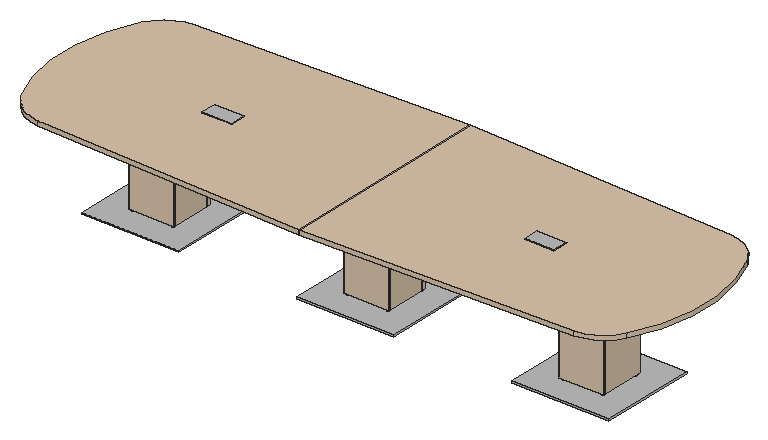
Revit family "Haworth_Planes_ColumnBaseConferenceTable_PebbleTwoPiece", category Furniture Systems, Revit 2018 (continued)
Definition of nested family "Haworth_Planes_Worksurface_Pebble_2Piece_PART"
  Definition of nested family "Haworth_Planes_Worksurface_Pebble60_TwoPiece_Part"
    Lines and regions (in)
      Masking region 18, visible <- "168w"
        outline origin (0, 0, 0) x (0, 1, 0) y (-1, 0, 0)
          loop
            arc (-12.35433, -68.75867) -> (-10.42597, -74.44733) -> (-5.98234, -78.48881) r 12
            arc (-5.98234, -78.48881) -> (15, -83.68) -> (35.98234, -78.48881) r 45
      Masking region 19, visible <- "174w"
        outline origin (0, 0, 0) x (0, 1, 0) y (-1, 0, 0)
          loop
            arc (35.9814, -81.48931) -> (40.43556, -77.43196) -> (42.35637, -71.72127) r 12
            arc (42.35637, -71.72127) -> (44.2454, -35.88305) -> (44.84, 0) r 994.40556
            line (44.84, 0) -> (-14.84, 0)
            arc (-14.84, 0) -> (-14.2454, -35.88305) -> (-12.35637, -71.72127) r 994.40556
            arc (-12.35637, -71.72127) -> (-10.43556, -77.43196) -> (-5.9814, -81.48931) r 12
            arc (-5.9814, -81.48931) -> (15, -86.68) -> (35.9814, -81.48931) r 45
      Masking region 20, visible <- "180w"
        outline origin (0, 0, 0) x (0, 1, 0) y (-1, 0, 0)
          loop
            arc (35.98038, -84.48984) -> (40.44425, -80.41787) -> (42.35804, -74.68686) r 12
            arc (42.35804, -74.68686) -> (44.24477, -37.36489) -> (44.84, 0) r 1080.70204
            line (44.84, 0) -> (-14.84, 0)
            arc (-14.84, 0) -> (-14.24477, -37.36489) -> (-12.35804, -74.68686) r 1080.70204
            arc (-12.35804, -74.68686) -> (-10.44425, -80.41787) -> (-5.98038, -84.48984) r 12
            arc (-5.98038, -84.48984) -> (15, -89.68) -> (35.98038, -84.48984) r 45
      symbolic lines
        curve 1: line (0, 44.84, 0) -> (0, -14.84, 0)
    Dimensions and locks (in)
      "Thickness": plane 4 "Table Top" to plane 5 "Table Bottom"
      "Actual Height": plane 4 "Table Top" to level
      "Cutout Dimension": plane 6 "Cutout Top" to plane 7 "Cutout Bottom"
      plane 6 "Cutout Top" to plane 4 "Table Top" = 1"
      locked: plane 4 "Table Top" to plane 8 "KnifeEdge Middle" at 0.375
      aligned and locked: plane 4 "Table Top" to Extrusion 1
      aligned and locked: plane 4 "Table Top" to Extrusion 10
      aligned and locked: plane 4 "Table Top" to Extrusion 9
      aligned and locked: plane 4 "Table Top" to Extrusion 2
      aligned and locked: plane 4 "Table Top" to Extrusion 3
      aligned and locked: plane 4 "Table Top" to Extrusion 4
      aligned and locked: plane 4 "Table Top" to Extrusion 5
      aligned and locked: plane 4 "Table Top" to Extrusion 6
      aligned and locked: plane 4 "Table Top" to Extrusion 7
      aligned and locked: plane 4 "Table Top" to Extrusion 8
      aligned and locked: Extrusion 10 to plane 5 "Table Bottom"
      aligned and locked: Extrusion 9 to plane 5 "Table Bottom"
      aligned and locked: Extrusion 1 to plane 5 "Table Bottom"
      aligned and locked: Extrusion 5 to plane 5 "Table Bottom"
      aligned and locked: Extrusion 4 to plane 5 "Table Bottom"
      aligned and locked: Extrusion 3 to plane 5 "Table Bottom"
      aligned and locked: Extrusion 2 to plane 5 "Table Bottom"
      aligned and locked: Extrusion 6 to plane 5 "Table Bottom"
      aligned and locked: Extrusion 8 to plane 5 "Table Bottom"
      aligned and locked: Extrusion 7 to plane 5 "Table Bottom"
      aligned and locked: plane 4 "Table Top" to Extrusion 20
      aligned and locked: plane 4 "Table Top" to Extrusion 19
      aligned and locked: plane 4 "Table Top" to Extrusion 18
      aligned and locked: plane 4 "Table Top" to Extrusion 17
      aligned and locked: plane 4 "Table Top" to Extrusion 16
      aligned and locked: plane 4 "Table Top" to Extrusion 15
      aligned and locked: plane 4 "Table Top" to Extrusion 14
      aligned and locked: plane 4 "Table Top" to Extrusion 13
      aligned and locked: plane 4 "Table Top" to Extrusion 12
      aligned and locked: plane 4 "Table Top" to Extrusion 11
      aligned and locked: Extrusion 20 to plane 5 "Table Bottom"
      aligned and locked: Extrusion 19 to plane 5 "Table Bottom"
      aligned and locked: Extrusion 18 to plane 5 "Table Bottom"
      aligned and locked: Extrusion 17 to plane 5 "Table Bottom"
      aligned and locked: Extrusion 16 to plane 5 "Table Bottom"
      aligned and locked: Extrusion 15 to plane 5 "Table Bottom"
      aligned and locked: Extrusion 14 to plane 5 "Table Bottom"
      aligned and locked: Extrusion 13 to plane 5 "Table Bottom"
      aligned and locked: Extrusion 12 to plane 5 "Table Bottom"
      aligned and locked: Extrusion 11 to plane 5 "Table Bottom"
    Automatic sketch dimensions
      plane 1 "Center F/B" to Extrusion 1 sketch curve = 0"
      Extrusion 1 sketch curve to plane 3 "Center L/R" = 0"
      Extrusion 1 sketch curve to plane 3 "Center L/R" = 1.4253"  (x2)
      Extrusion 1 sketch curve to plane 3 "Center L/R" = 17.68"
      plane 1 "Center F/B" to Extrusion 1 sketch curve = 15 99/256"
      plane 1 "Center F/B" to Extrusion 1 sketch curve = 29.84"
      Extrusion 1 sketch curve to Extrusion 1 sketch curve = 374.11209"  (x2)
      Extrusion 1 sketch curve to plane 1 "Center F/B" = 15 99/256"
      Extrusion 1 sketch curve to plane 1 "Center F/B" = 29.84"
      Extrusion 1 sketch curve to Extrusion 1 sketch curve = 0"  (x4)
      plane 1 "Center F/B" to Extrusion 2 sketch curve = 0"
      Extrusion 2 sketch curve to plane 3 "Center L/R" = 0"
      Extrusion 2 sketch curve to plane 3 "Center L/R" = 1.44631"  (x2)
      Extrusion 2 sketch curve to plane 3 "Center L/R" = 20.68"
      plane 1 "Center F/B" to Extrusion 2 sketch curve = 15.38791"
      plane 1 "Center F/B" to Extrusion 2 sketch curve = 29.84"
      Extrusion 2 sketch curve to Extrusion 2 sketch curve = 431.31608"  (x2)
      Extrusion 2 sketch curve to plane 1 "Center F/B" = 15.38791"
      Extrusion 2 sketch curve to plane 1 "Center F/B" = 29.84"
      Extrusion 2 sketch curve to Extrusion 2 sketch curve = 0"  (x4)
      plane 1 "Center F/B" to Extrusion 3 sketch curve = 0"
      Extrusion 3 sketch curve to plane 3 "Center L/R" = 0"
      Extrusion 3 sketch curve to plane 3 "Center L/R" = 1.45357"  (x2)
      plane 1 "Center F/B" to Extrusion 3 sketch curve = 15.38851"
      plane 1 "Center F/B" to Extrusion 3 sketch curve = 29.84"
      Extrusion 3 sketch curve to Extrusion 3 sketch curve = 492.36637"  (x2)
      Extrusion 3 sketch curve to plane 1 "Center F/B" = 15.38851"
      Extrusion 3 sketch curve to plane 1 "Center F/B" = 29.84"
      Extrusion 3 sketch curve to Extrusion 3 sketch curve = 0"  (x4)
      plane 1 "Center F/B" to Extrusion 4 sketch curve = 0"
      Extrusion 4 sketch curve to plane 3 "Center L/R" = 0"
      Extrusion 4 sketch curve to plane 3 "Center L/R" = 1.45652"  (x2)
      plane 1 "Center F/B" to Extrusion 4 sketch curve = 15.38868"
      plane 1 "Center F/B" to Extrusion 4 sketch curve = 29.84"
      Extrusion 4 sketch curve to Extrusion 4 sketch curve = 557.09732"  (x2)
      Extrusion 4 sketch curve to plane 1 "Center F/B" = 15.38868"
      Extrusion 4 sketch curve to plane 1 "Center F/B" = 29.84"
      Extrusion 4 sketch curve to Extrusion 4 sketch curve = 0"  (x4)
      plane 1 "Center F/B" to Extrusion 5 sketch curve = 0"
      Extrusion 5 sketch curve to plane 3 "Center L/R" = 0"
      Extrusion 5 sketch curve to plane 3 "Center L/R" = 1.45112"  (x2)
      plane 1 "Center F/B" to Extrusion 5 sketch curve = 15.38854"
      plane 1 "Center F/B" to Extrusion 5 sketch curve = 29.84"
      Extrusion 5 sketch curve to Extrusion 5 sketch curve = 625.62148"  (x2)
      Extrusion 5 sketch curve to plane 1 "Center F/B" = 15.38854"
      Extrusion 5 sketch curve to plane 1 "Center F/B" = 29.84"
      Extrusion 5 sketch curve to Extrusion 5 sketch curve = 0"  (x4)
      plane 1 "Center F/B" to Extrusion 6 sketch curve = 0"
      Extrusion 6 sketch curve to plane 3 "Center L/R" = 0"
      Extrusion 6 sketch curve to plane 3 "Center L/R" = 4.16147"  (x2)
      plane 1 "Center F/B" to Extrusion 6 sketch curve = 15.38854"
      plane 1 "Center F/B" to Extrusion 6 sketch curve = 29.84"
      Extrusion 6 sketch curve to Extrusion 6 sketch curve = 629.37366"  (x2)
      Extrusion 6 sketch curve to plane 1 "Center F/B" = 15.38854"
      Extrusion 6 sketch curve to plane 1 "Center F/B" = 29.84"
      Extrusion 6 sketch curve to Extrusion 6 sketch curve = 0"  (x4)
      plane 1 "Center F/B" to Extrusion 7 sketch curve = 0"
      Extrusion 7 sketch curve to plane 3 "Center L/R" = 0"
      Extrusion 7 sketch curve to plane 3 "Center L/R" = 1.46373"  (x2)
      plane 1 "Center F/B" to Extrusion 7 sketch curve = 15.38768"
      plane 1 "Center F/B" to Extrusion 7 sketch curve = 29.84"
      Extrusion 7 sketch curve to Extrusion 7 sketch curve = 772.89119"  (x2)
      Extrusion 7 sketch curve to plane 1 "Center F/B" = 15.38768"
      Extrusion 7 sketch curve to plane 1 "Center F/B" = 29.84"
      Extrusion 7 sketch curve to Extrusion 7 sketch curve = 0"  (x4)
      plane 1 "Center F/B" to Extrusion 8 sketch curve = 0"
      Extrusion 8 sketch curve to plane 3 "Center L/R" = 0"
      Extrusion 8 sketch curve to plane 3 "Center L/R" = 1.45283"  (x2)
      plane 1 "Center F/B" to Extrusion 8 sketch curve = 15.38705"
      plane 1 "Center F/B" to Extrusion 8 sketch curve = 29.84"
      Extrusion 8 sketch curve to Extrusion 8 sketch curve = 852.37772"  (x2)
      Extrusion 8 sketch curve to plane 1 "Center F/B" = 15.38705"
      Extrusion 8 sketch curve to plane 1 "Center F/B" = 29.84"
      Extrusion 8 sketch curve to Extrusion 8 sketch curve = 0"  (x4)
      plane 1 "Center F/B" to Extrusion 9 sketch curve = 0"
      Extrusion 9 sketch curve to plane 3 "Center L/R" = 0"
      Extrusion 9 sketch curve to plane 3 "Center L/R" = 1.46855"  (x2)
      Extrusion 9 sketch curve to plane 1 "Center F/B" = 15.38636"
      plane 1 "Center F/B" to Extrusion 9 sketch curve = 15.38636"
      plane 1 "Center F/B" to Extrusion 9 sketch curve = 29.84"
      Extrusion 9 sketch curve to Extrusion 9 sketch curve = 934.72447"  (x2)
      Extrusion 9 sketch curve to plane 1 "Center F/B" = 29.84"
      Extrusion 9 sketch curve to Extrusion 9 sketch curve = 0"  (x4)
      plane 1 "Center F/B" to Extrusion 10 sketch curve = 0"
      Extrusion 10 sketch curve to plane 3 "Center L/R" = 0"
      Extrusion 10 sketch curve to plane 3 "Center L/R" = 1.47134"  (x2)
      Extrusion 10 sketch curve to plane 1 "Center F/B" = 15.38561"
      plane 1 "Center F/B" to Extrusion 10 sketch curve = 15.38561"
      plane 1 "Center F/B" to Extrusion 10 sketch curve = 29.84"
      Extrusion 10 sketch curve to Extrusion 10 sketch curve = 1021.02104"  (x2)
      Extrusion 10 sketch curve to plane 1 "Center F/B" = 29.84"
      Extrusion 10 sketch curve to Extrusion 10 sketch curve = 0"  (x4)
      plane 1 "Center F/B" to Masking region 1 sketch curve = 0"
      Masking region 1 sketch curve to plane 3 "Center L/R" = 0"
      Masking region 1 sketch curve to plane 3 "Center L/R" = 1.4253"  (x2)
      Masking region 1 sketch curve to plane 3 "Center L/R" = 17.68"
      plane 1 "Center F/B" to Masking region 1 sketch curve = 15 99/256"
      plane 1 "Center F/B" to Masking region 1 sketch curve = 29.84"
      Masking region 1 sketch curve to Masking region 1 sketch curve = 374.11209"  (x2)
      Masking region 1 sketch curve to plane 1 "Center F/B" = 15 99/256"
      Masking region 1 sketch curve to plane 1 "Center F/B" = 29.84"
      Masking region 1 sketch curve to Masking region 1 sketch curve = 0"  (x4)
      plane 1 "Center F/B" to Masking region 2 sketch curve = 0"
      Masking region 2 sketch curve to plane 3 "Center L/R" = 0"
      Masking region 2 sketch curve to plane 3 "Center L/R" = 1.44631"  (x2)
      Masking region 2 sketch curve to plane 3 "Center L/R" = 20.68"
      plane 1 "Center F/B" to Masking region 2 sketch curve = 15.38791"
      plane 1 "Center F/B" to Masking region 2 sketch curve = 29.84"
      Masking region 2 sketch curve to Masking region 2 sketch curve = 431.31608"  (x2)
      Masking region 2 sketch curve to plane 1 "Center F/B" = 15.38791"
      Masking region 2 sketch curve to plane 1 "Center F/B" = 29.84"
      Masking region 2 sketch curve to Masking region 2 sketch curve = 0"  (x4)
      plane 1 "Center F/B" to Masking region 3 sketch curve = 0"
      Masking region 3 sketch curve to plane 3 "Center L/R" = 0"
      Masking region 3 sketch curve to plane 3 "Center L/R" = 1.45357"  (x2)
      plane 1 "Center F/B" to Masking region 3 sketch curve = 15.38851"
      plane 1 "Center F/B" to Masking region 3 sketch curve = 29.84"
      Masking region 3 sketch curve to Masking region 3 sketch curve = 492.36637"  (x2)
      Masking region 3 sketch curve to plane 1 "Center F/B" = 15.38851"
      Masking region 3 sketch curve to plane 1 "Center F/B" = 29.84"
      Masking region 3 sketch curve to Masking region 3 sketch curve = 0"  (x4)
      plane 1 "Center F/B" to Masking region 4 sketch curve = 0"
      Masking region 4 sketch curve to plane 3 "Center L/R" = 0"
      Masking region 4 sketch curve to plane 3 "Center L/R" = 1.45652"  (x2)
      plane 1 "Center F/B" to Masking region 4 sketch curve = 15.38868"
      plane 1 "Center F/B" to Masking region 4 sketch curve = 29.84"
      Masking region 4 sketch curve to Masking region 4 sketch curve = 557.09732"  (x2)
      Masking region 4 sketch curve to plane 1 "Center F/B" = 15.38868"
      Masking region 4 sketch curve to plane 1 "Center F/B" = 29.84"
      Masking region 4 sketch curve to Masking region 4 sketch curve = 0"  (x4)
      plane 1 "Center F/B" to Masking region 5 sketch curve = 0"
      Masking region 5 sketch curve to plane 3 "Center L/R" = 0"
      Masking region 5 sketch curve to plane 3 "Center L/R" = 1.45112"  (x2)
      plane 1 "Center F/B" to Masking region 5 sketch curve = 15.38854"
      plane 1 "Center F/B" to Masking region 5 sketch curve = 29.84"
      Masking region 5 sketch curve to Masking region 5 sketch curve = 625.62148"  (x2)
      Masking region 5 sketch curve to plane 1 "Center F/B" = 15.38854"
      Masking region 5 sketch curve to plane 1 "Center F/B" = 29.84"
      Masking region 5 sketch curve to Masking region 5 sketch curve = 0"  (x4)
      plane 1 "Center F/B" to Masking region 6 sketch curve = 0"
      Masking region 6 sketch curve to plane 3 "Center L/R" = 0"
      Masking region 6 sketch curve to plane 3 "Center L/R" = 4.16147"  (x2)
      plane 1 "Center F/B" to Masking region 6 sketch curve = 15.38854"
      plane 1 "Center F/B" to Masking region 6 sketch curve = 29.84"
      Masking region 6 sketch curve to Masking region 6 sketch curve = 629.37366"  (x2)
      Masking region 6 sketch curve to plane 1 "Center F/B" = 15.38854"
      Masking region 6 sketch curve to plane 1 "Center F/B" = 29.84"
      Masking region 6 sketch curve to Masking region 6 sketch curve = 0"  (x4)
      plane 1 "Center F/B" to Masking region 7 sketch curve = 0"
      Masking region 7 sketch curve to plane 3 "Center L/R" = 0"
      Masking region 7 sketch curve to plane 3 "Center L/R" = 1.46373"  (x2)
      plane 1 "Center F/B" to Masking region 7 sketch curve = 15.38768"
      plane 1 "Center F/B" to Masking region 7 sketch curve = 29.84"
      Masking region 7 sketch curve to Masking region 7 sketch curve = 772.89119"  (x2)
      Masking region 7 sketch curve to plane 1 "Center F/B" = 15.38768"
      Masking region 7 sketch curve to plane 1 "Center F/B" = 29.84"
      Masking region 7 sketch curve to Masking region 7 sketch curve = 0"  (x4)
      plane 1 "Center F/B" to Masking region 8 sketch curve = 0"
      Masking region 8 sketch curve to plane 3 "Center L/R" = 0"
      Masking region 8 sketch curve to plane 3 "Center L/R" = 1.45283"  (x2)
      plane 1 "Center F/B" to Masking region 8 sketch curve = 15.38705"
      plane 1 "Center F/B" to Masking region 8 sketch curve = 29.84"
      Masking region 8 sketch curve to Masking region 8 sketch curve = 852.37772"  (x2)
      Masking region 8 sketch curve to plane 1 "Center F/B" = 15.38705"
      Masking region 8 sketch curve to plane 1 "Center F/B" = 29.84"
      Masking region 8 sketch curve to Masking region 8 sketch curve = 0"  (x4)
      plane 1 "Center F/B" to Masking region 9 sketch curve = 0"
      Masking region 9 sketch curve to plane 3 "Center L/R" = 0"
      Masking region 9 sketch curve to plane 3 "Center L/R" = 1.46855"  (x2)
      plane 1 "Center F/B" to Masking region 9 sketch curve = 15.38636"
      Masking region 9 sketch curve to plane 1 "Center F/B" = 15.38636"
      plane 1 "Center F/B" to Masking region 9 sketch curve = 29.84"
      Masking region 9 sketch curve to Masking region 9 sketch curve = 934.72447"  (x2)
      Masking region 9 sketch curve to plane 1 "Center F/B" = 29.84"
      Masking region 9 sketch curve to Masking region 9 sketch curve = 0"  (x4)
      plane 1 "Center F/B" to Masking region 10 sketch curve = 0"
      Masking region 10 sketch curve to plane 3 "Center L/R" = 0"
      Masking region 10 sketch curve to plane 3 "Center L/R" = 1.47134"  (x2)
      plane 1 "Center F/B" to Masking region 10 sketch curve = 15.38561"
      Masking region 10 sketch curve to plane 1 "Center F/B" = 15.38561"
      plane 1 "Center F/B" to Masking region 10 sketch curve = 29.84"
      Masking region 10 sketch curve to Masking region 10 sketch curve = 1021.02104"  (x2)
      Masking region 10 sketch curve to plane 1 "Center F/B" = 29.84"
      Masking region 10 sketch curve to Masking region 10 sketch curve = 0"  (x4)
      plane 1 "Center F/B" to Extrusion 11 sketch curve = 0"
      Extrusion 11 sketch curve to plane 3 "Center L/R" = 0"
      Extrusion 11 sketch curve to plane 3 "Center L/R" = 1.4253"  (x2)
      Extrusion 11 sketch curve to plane 3 "Center L/R" = 17.68"
      Extrusion 11 sketch curve to plane 1 "Center F/B" = 15 99/256"
      Extrusion 11 sketch curve to plane 1 "Center F/B" = 29.84"
      Extrusion 11 sketch curve to Extrusion 11 sketch curve = 374.11209"  (x2)
      plane 1 "Center F/B" to Extrusion 11 sketch curve = 15 99/256"
      plane 1 "Center F/B" to Extrusion 11 sketch curve = 29.84"
      Extrusion 11 sketch curve to Extrusion 11 sketch curve = 0"  (x4)
      plane 1 "Center F/B" to Extrusion 12 sketch curve = 0"
      Extrusion 12 sketch curve to plane 3 "Center L/R" = 0"
      Extrusion 12 sketch curve to plane 3 "Center L/R" = 1.44631"  (x2)
      Extrusion 12 sketch curve to plane 3 "Center L/R" = 20.68"
      Extrusion 12 sketch curve to plane 1 "Center F/B" = 15.38791"
      Extrusion 12 sketch curve to plane 1 "Center F/B" = 29.84"
      Extrusion 12 sketch curve to Extrusion 12 sketch curve = 431.31608"  (x2)
      plane 1 "Center F/B" to Extrusion 12 sketch curve = 15.38791"
      plane 1 "Center F/B" to Extrusion 12 sketch curve = 29.84"
      Extrusion 12 sketch curve to Extrusion 12 sketch curve = 0"  (x4)
      plane 1 "Center F/B" to Extrusion 13 sketch curve = 0"
      Extrusion 13 sketch curve to plane 3 "Center L/R" = 0"
      Extrusion 13 sketch curve to plane 3 "Center L/R" = 1.45357"  (x2)
      Extrusion 13 sketch curve to plane 1 "Center F/B" = 15.38851"
      Extrusion 13 sketch curve to plane 1 "Center F/B" = 29.84"
      Extrusion 13 sketch curve to Extrusion 13 sketch curve = 492.36637"  (x2)
      plane 1 "Center F/B" to Extrusion 13 sketch curve = 15.38851"
      plane 1 "Center F/B" to Extrusion 13 sketch curve = 29.84"
      Extrusion 13 sketch curve to Extrusion 13 sketch curve = 0"  (x4)
      plane 1 "Center F/B" to Extrusion 14 sketch curve = 0"
      Extrusion 14 sketch curve to plane 3 "Center L/R" = 0"
      Extrusion 14 sketch curve to plane 3 "Center L/R" = 1.45652"  (x2)
      Extrusion 14 sketch curve to plane 1 "Center F/B" = 15.38868"
      Extrusion 14 sketch curve to plane 1 "Center F/B" = 29.84"
      Extrusion 14 sketch curve to Extrusion 14 sketch curve = 557.09732"  (x2)
      plane 1 "Center F/B" to Extrusion 14 sketch curve = 15.38868"
      plane 1 "Center F/B" to Extrusion 14 sketch curve = 29.84"
      Extrusion 14 sketch curve to Extrusion 14 sketch curve = 0"  (x4)
      plane 1 "Center F/B" to Extrusion 15 sketch curve = 0"
      Extrusion 15 sketch curve to plane 3 "Center L/R" = 0"
      Extrusion 15 sketch curve to plane 3 "Center L/R" = 1.45112"  (x2)
      Extrusion 15 sketch curve to plane 1 "Center F/B" = 15.38854"
      Extrusion 15 sketch curve to plane 1 "Center F/B" = 29.84"
      Extrusion 15 sketch curve to Extrusion 15 sketch curve = 625.62148"  (x2)
      plane 1 "Center F/B" to Extrusion 15 sketch curve = 15.38854"
      plane 1 "Center F/B" to Extrusion 15 sketch curve = 29.84"
      Extrusion 15 sketch curve to Extrusion 15 sketch curve = 0"  (x4)
      plane 1 "Center F/B" to Extrusion 16 sketch curve = 0"
      Extrusion 16 sketch curve to plane 3 "Center L/R" = 0"
      Extrusion 16 sketch curve to plane 3 "Center L/R" = 4.16147"  (x2)
      Extrusion 16 sketch curve to plane 1 "Center F/B" = 15.38854"
      Extrusion 16 sketch curve to plane 1 "Center F/B" = 29.84"
      Extrusion 16 sketch curve to Extrusion 16 sketch curve = 629.37366"  (x2)
      plane 1 "Center F/B" to Extrusion 16 sketch curve = 15.38854"
      plane 1 "Center F/B" to Extrusion 16 sketch curve = 29.84"
      Extrusion 16 sketch curve to Extrusion 16 sketch curve = 0"  (x4)
      plane 1 "Center F/B" to Extrusion 17 sketch curve = 0"
      Extrusion 17 sketch curve to plane 3 "Center L/R" = 0"
      Extrusion 17 sketch curve to plane 3 "Center L/R" = 1.46373"  (x2)
      Extrusion 17 sketch curve to plane 1 "Center F/B" = 15.38768"
      Extrusion 17 sketch curve to plane 1 "Center F/B" = 29.84"
      Extrusion 17 sketch curve to Extrusion 17 sketch curve = 772.89119"  (x2)
      plane 1 "Center F/B" to Extrusion 17 sketch curve = 15.38768"
      plane 1 "Center F/B" to Extrusion 17 sketch curve = 29.84"
      Extrusion 17 sketch curve to Extrusion 17 sketch curve = 0"  (x4)
      plane 1 "Center F/B" to Extrusion 18 sketch curve = 0"
      Extrusion 18 sketch curve to plane 3 "Center L/R" = 0"
      Extrusion 18 sketch curve to plane 3 "Center L/R" = 1.45283"  (x2)
      Extrusion 18 sketch curve to plane 1 "Center F/B" = 15.38705"
      Extrusion 18 sketch curve to plane 1 "Center F/B" = 29.84"
      Extrusion 18 sketch curve to Extrusion 18 sketch curve = 852.37772"  (x2)
      plane 1 "Center F/B" to Extrusion 18 sketch curve = 15.38705"
      plane 1 "Center F/B" to Extrusion 18 sketch curve = 29.84"
      Extrusion 18 sketch curve to Extrusion 18 sketch curve = 0"  (x4)
      plane 1 "Center F/B" to Extrusion 19 sketch curve = 0"
      Extrusion 19 sketch curve to plane 3 "Center L/R" = 0"
      Extrusion 19 sketch curve to plane 3 "Center L/R" = 1.46855"  (x2)
      plane 1 "Center F/B" to Extrusion 19 sketch curve = 15.38636"
      Extrusion 19 sketch curve to plane 1 "Center F/B" = 15.38636"
      Extrusion 19 sketch curve to plane 1 "Center F/B" = 29.84"
      Extrusion 19 sketch curve to Extrusion 19 sketch curve = 934.72447"  (x2)
      plane 1 "Center F/B" to Extrusion 19 sketch curve = 29.84"
      Extrusion 19 sketch curve to Extrusion 19 sketch curve = 0"  (x4)
      plane 1 "Center F/B" to Extrusion 20 sketch curve = 0"
      Extrusion 20 sketch curve to plane 3 "Center L/R" = 0"
      Extrusion 20 sketch curve to plane 3 "Center L/R" = 1.47134"  (x2)
      plane 1 "Center F/B" to Extrusion 20 sketch curve = 15.38561"
      Extrusion 20 sketch curve to plane 1 "Center F/B" = 15.38561"
      Extrusion 20 sketch curve to plane 1 "Center F/B" = 29.84"
      Extrusion 20 sketch curve to Extrusion 20 sketch curve = 1021.02104"  (x2)
      plane 1 "Center F/B" to Extrusion 20 sketch curve = 29.84"
      Extrusion 20 sketch curve to Extrusion 20 sketch curve = 0"  (x4)
      Masking region 11 sketch curve to plane 3 "Center L/R" = 0"
      plane 1 "Center F/B" to Masking region 11 sketch curve = 0"
      plane 1 "Center F/B" to Masking region 11 sketch curve = 15 99/256"
      plane 1 "Center F/B" to Masking region 11 sketch curve = 29.84"
      plane 3 "Center L/R" to Masking region 11 sketch curve = 1.4253"  (x2)
      Masking region 11 sketch curve to Masking region 11 sketch curve = 374.11209"  (x2)
      Masking region 11 sketch curve to plane 1 "Center F/B" = 15 99/256"
      Masking region 11 sketch curve to plane 1 "Center F/B" = 29.84"
      plane 3 "Center L/R" to Masking region 11 sketch curve = 17.68"
      Masking region 11 sketch curve to Masking region 11 sketch curve = 6.33497"
      Masking region 11 sketch curve to Masking region 11 sketch curve = 0"  (x3)
      Masking region 12 sketch curve to plane 3 "Center L/R" = 0"
      plane 1 "Center F/B" to Masking region 12 sketch curve = 0"
      plane 1 "Center F/B" to Masking region 12 sketch curve = 15.38791"
      plane 1 "Center F/B" to Masking region 12 sketch curve = 29.84"
      plane 3 "Center L/R" to Masking region 12 sketch curve = 1.44631"  (x2)
      Masking region 12 sketch curve to Masking region 12 sketch curve = 431.31608"  (x2)
      Masking region 12 sketch curve to plane 1 "Center F/B" = 15.38791"
      Masking region 12 sketch curve to plane 1 "Center F/B" = 29.84"
      plane 3 "Center L/R" to Masking region 12 sketch curve = 20.68"
      Masking region 12 sketch curve to Masking region 12 sketch curve = 6.34291"
      Masking region 12 sketch curve to Masking region 12 sketch curve = 0"  (x3)
      Masking region 13 sketch curve to plane 3 "Center L/R" = 0"
      plane 1 "Center F/B" to Masking region 13 sketch curve = 0"
      plane 1 "Center F/B" to Masking region 13 sketch curve = 15.38851"
      plane 1 "Center F/B" to Masking region 13 sketch curve = 29.84"
      plane 3 "Center L/R" to Masking region 13 sketch curve = 1.45357"  (x2)
      Masking region 13 sketch curve to Masking region 13 sketch curve = 492.36637"  (x2)
      Masking region 13 sketch curve to plane 1 "Center F/B" = 15.38851"
      Masking region 13 sketch curve to plane 1 "Center F/B" = 29.84"
      Masking region 13 sketch curve to Masking region 13 sketch curve = 6.34966"
      Masking region 13 sketch curve to Masking region 13 sketch curve = 0"  (x3)
      Masking region 14 sketch curve to plane 3 "Center L/R" = 0"
      plane 1 "Center F/B" to Masking region 14 sketch curve = 0"
      plane 1 "Center F/B" to Masking region 14 sketch curve = 15.38868"
      plane 1 "Center F/B" to Masking region 14 sketch curve = 29.84"
      plane 3 "Center L/R" to Masking region 14 sketch curve = 1.45652"  (x2)
      Masking region 14 sketch curve to Masking region 14 sketch curve = 557.09732"  (x2)
      Masking region 14 sketch curve to plane 1 "Center F/B" = 15.38868"
      Masking region 14 sketch curve to plane 1 "Center F/B" = 29.84"
      Masking region 14 sketch curve to Masking region 14 sketch curve = 6.35544"
      Masking region 14 sketch curve to Masking region 14 sketch curve = 0"  (x3)
      Masking region 15 sketch curve to plane 3 "Center L/R" = 0"
      plane 1 "Center F/B" to Masking region 15 sketch curve = 0"
      plane 1 "Center F/B" to Masking region 15 sketch curve = 15.38854"
      plane 1 "Center F/B" to Masking region 15 sketch curve = 29.84"
      plane 3 "Center L/R" to Masking region 15 sketch curve = 1.45112"  (x2)
      Masking region 15 sketch curve to Masking region 15 sketch curve = 625.62148"  (x2)
      Masking region 15 sketch curve to plane 1 "Center F/B" = 15.38854"
      Masking region 15 sketch curve to plane 1 "Center F/B" = 29.84"
      Masking region 15 sketch curve to Masking region 15 sketch curve = 6.36045"
      Masking region 15 sketch curve to Masking region 15 sketch curve = 0"  (x3)
      Masking region 16 sketch curve to plane 3 "Center L/R" = 0"
      plane 1 "Center F/B" to Masking region 16 sketch curve = 0"
      plane 1 "Center F/B" to Masking region 16 sketch curve = 15.38854"
      plane 1 "Center F/B" to Masking region 16 sketch curve = 29.84"
      plane 3 "Center L/R" to Masking region 16 sketch curve = 4.16147"  (x2)
      Masking region 16 sketch curve to Masking region 16 sketch curve = 629.37366"  (x2)
      Masking region 16 sketch curve to plane 1 "Center F/B" = 15.38854"
      Masking region 16 sketch curve to plane 1 "Center F/B" = 29.84"
      Masking region 16 sketch curve to Masking region 16 sketch curve = 6.3605"
      Masking region 16 sketch curve to Masking region 16 sketch curve = 0"  (x3)
      Masking region 17 sketch curve to plane 3 "Center L/R" = 0"
      plane 1 "Center F/B" to Masking region 17 sketch curve = 0"
      plane 1 "Center F/B" to Masking region 17 sketch curve = 15.38768"
      plane 1 "Center F/B" to Masking region 17 sketch curve = 29.84"
      plane 3 "Center L/R" to Masking region 17 sketch curve = 1.46373"  (x2)
      Masking region 17 sketch curve to Masking region 17 sketch curve = 772.89119"  (x2)
      Masking region 17 sketch curve to plane 1 "Center F/B" = 15.38768"
      Masking region 17 sketch curve to plane 1 "Center F/B" = 29.84"
      Masking region 17 sketch curve to Masking region 17 sketch curve = 6.3686"
      Masking region 17 sketch curve to Masking region 17 sketch curve = 0"  (x3)
      Masking region 18 sketch curve to plane 3 "Center L/R" = 0"
      plane 1 "Center F/B" to Masking region 18 sketch curve = 0"
      plane 1 "Center F/B" to Masking region 18 sketch curve = 15.38705"
      plane 1 "Center F/B" to Masking region 18 sketch curve = 29.84"
      plane 3 "Center L/R" to Masking region 18 sketch curve = 1.45283"  (x2)
      Masking region 18 sketch curve to Masking region 18 sketch curve = 852.37772"  (x2)
      Masking region 18 sketch curve to plane 1 "Center F/B" = 15.38705"
      Masking region 18 sketch curve to plane 1 "Center F/B" = 29.84"
      Masking region 18 sketch curve to Masking region 18 sketch curve = 6.37199"
      Masking region 18 sketch curve to Masking region 18 sketch curve = 0"  (x3)
      Masking region 19 sketch curve to plane 3 "Center L/R" = 0"
      plane 1 "Center F/B" to Masking region 19 sketch curve = 0"
      plane 1 "Center F/B" to Masking region 19 sketch curve = 15.38636"
      plane 1 "Center F/B" to Masking region 19 sketch curve = 29.84"
      plane 3 "Center L/R" to Masking region 19 sketch curve = 1.46855"  (x2)
      Masking region 19 sketch curve to Masking region 19 sketch curve = 934.72447"  (x2)
      Masking region 19 sketch curve to plane 1 "Center F/B" = 15.38636"
      Masking region 19 sketch curve to plane 1 "Center F/B" = 29.84"
      Masking region 19 sketch curve to Masking region 19 sketch curve = 6.37498"
      Masking region 19 sketch curve to Masking region 19 sketch curve = 0"  (x3)
      Masking region 20 sketch curve to plane 3 "Center L/R" = 0"
      plane 1 "Center F/B" to Masking region 20 sketch curve = 0"
      plane 1 "Center F/B" to Masking region 20 sketch curve = 15.38561"
      plane 1 "Center F/B" to Masking region 20 sketch curve = 29.84"
      plane 3 "Center L/R" to Masking region 20 sketch curve = 1.47134"  (x2)
      Masking region 20 sketch curve to Masking region 20 sketch curve = 1021.02104"  (x2)
      Masking region 20 sketch curve to plane 1 "Center F/B" = 15.38561"
      Masking region 20 sketch curve to plane 1 "Center F/B" = 29.84"
      Masking region 20 sketch curve to Masking region 20 sketch curve = 6.37766"
      Masking region 20 sketch curve to Masking region 20 sketch curve = 0"  (x3)
      curve 1 to plane 3 "Center L/R" = 0"
      plane 1 "Center F/B" to curve 1 = 29.84"
      curve 1 to plane 1 "Center F/B" = 29.84"
      Extrusion 1 sketch curve to Extrusion 1 sketch curve = 29.19331"
      Extrusion 2 sketch curve to Extrusion 2 sketch curve = 29.19268"
      Extrusion 3 sketch curve to plane 3 "Center L/R" = 23.68"
      Extrusion 3 sketch curve to Extrusion 3 sketch curve = 29.19236"
      Extrusion 4 sketch curve to plane 3 "Center L/R" = 26.68"
      Extrusion 4 sketch curve to Extrusion 4 sketch curve = 29.19227"
      Extrusion 5 sketch curve to plane 3 "Center L/R" = 29.68"
      Extrusion 5 sketch curve to Extrusion 5 sketch curve = 29.19234"
      Extrusion 6 sketch curve to plane 3 "Center L/R" = 32.68"
      Extrusion 6 sketch curve to Extrusion 6 sketch curve = 29.19234"
      Extrusion 7 sketch curve to plane 3 "Center L/R" = 35.68"
      Extrusion 7 sketch curve to Extrusion 7 sketch curve = 29.1928"
      Extrusion 8 sketch curve to plane 3 "Center L/R" = 38.68"
      Extrusion 8 sketch curve to Extrusion 8 sketch curve = 29.19313"
      Extrusion 9 sketch curve to plane 3 "Center L/R" = 41.68"
      Extrusion 9 sketch curve to Extrusion 9 sketch curve = 29.19349"
      Extrusion 10 sketch curve to plane 3 "Center L/R" = 44.68"
      Extrusion 10 sketch curve to Extrusion 10 sketch curve = 29.19388"
      Masking region 1 sketch curve to Masking region 1 sketch curve = 29.19331"
      Masking region 2 sketch curve to Masking region 2 sketch curve = 29.19268"
      Masking region 3 sketch curve to plane 3 "Center L/R" = 23.68"
      Masking region 3 sketch curve to Masking region 3 sketch curve = 29.19236"
      Masking region 4 sketch curve to plane 3 "Center L/R" = 26.68"
      Masking region 4 sketch curve to Masking region 4 sketch curve = 29.19227"
      Masking region 5 sketch curve to plane 3 "Center L/R" = 29.68"
      Masking region 5 sketch curve to Masking region 5 sketch curve = 29.19234"
      Masking region 6 sketch curve to plane 3 "Center L/R" = 32.68"
      Masking region 6 sketch curve to Masking region 6 sketch curve = 29.19234"
      Masking region 7 sketch curve to plane 3 "Center L/R" = 35.68"
      Masking region 7 sketch curve to Masking region 7 sketch curve = 29.1928"
      Masking region 8 sketch curve to plane 3 "Center L/R" = 38.68"
      Masking region 8 sketch curve to Masking region 8 sketch curve = 29.19313"
      Masking region 9 sketch curve to plane 3 "Center L/R" = 41.68"
      Masking region 9 sketch curve to Masking region 9 sketch curve = 29.19349"
      Masking region 10 sketch curve to plane 3 "Center L/R" = 44.68"
      Masking region 10 sketch curve to Masking region 10 sketch curve = 29.19388"
      Extrusion 11 sketch curve to Extrusion 11 sketch curve = 29.19331"
      Extrusion 12 sketch curve to Extrusion 12 sketch curve = 29.19268"
      Extrusion 13 sketch curve to plane 3 "Center L/R" = 23.68"
      Extrusion 13 sketch curve to Extrusion 13 sketch curve = 29.19236"
      Extrusion 14 sketch curve to plane 3 "Center L/R" = 26.68"
      Extrusion 14 sketch curve to Extrusion 14 sketch curve = 29.19227"
      Extrusion 15 sketch curve to plane 3 "Center L/R" = 29.68"
      Extrusion 15 sketch curve to Extrusion 15 sketch curve = 29.19234"
      Extrusion 16 sketch curve to plane 3 "Center L/R" = 32.68"
      Extrusion 16 sketch curve to Extrusion 16 sketch curve = 29.19234"
      Extrusion 17 sketch curve to plane 3 "Center L/R" = 35.68"
      Extrusion 17 sketch curve to Extrusion 17 sketch curve = 29.1928"
      Extrusion 18 sketch curve to plane 3 "Center L/R" = 38.68"
      Extrusion 18 sketch curve to Extrusion 18 sketch curve = 29.19313"
      Extrusion 19 sketch curve to plane 3 "Center L/R" = 41.68"
      Extrusion 19 sketch curve to Extrusion 19 sketch curve = 29.19349"
      Extrusion 20 sketch curve to plane 3 "Center L/R" = 44.68"
      Extrusion 20 sketch curve to Extrusion 20 sketch curve = 29.19388"
      Masking region 11 sketch curve to Masking region 11 sketch curve = 29.19331"
      Masking region 12 sketch curve to Masking region 12 sketch curve = 29.19268"
      plane 3 "Center L/R" to Masking region 13 sketch curve = 23.68"
      Masking region 13 sketch curve to Masking region 13 sketch curve = 29.19236"
      plane 3 "Center L/R" to Masking region 14 sketch curve = 26.68"
      Masking region 14 sketch curve to Masking region 14 sketch curve = 29.19227"
      plane 3 "Center L/R" to Masking region 15 sketch curve = 29.68"
      Masking region 15 sketch curve to Masking region 15 sketch curve = 29.19234"
      plane 3 "Center L/R" to Masking region 16 sketch curve = 32.68"
      Masking region 16 sketch curve to Masking region 16 sketch curve = 29.19234"
      plane 3 "Center L/R" to Masking region 17 sketch curve = 35.68"
      Masking region 17 sketch curve to Masking region 17 sketch curve = 29.1928"
      plane 3 "Center L/R" to Masking region 18 sketch curve = 38.68"
      Masking region 18 sketch curve to Masking region 18 sketch curve = 29.19313"
      plane 3 "Center L/R" to Masking region 19 sketch curve = 41.68"
      Masking region 19 sketch curve to Masking region 19 sketch curve = 29.19349"
      plane 3 "Center L/R" to Masking region 20 sketch curve = 44.68"
      Masking region 20 sketch curve to Masking region 20 sketch curve = 29.19388"
  Definition of nested family "Haworth_Planes_Worksurface_Pebble42_TwoPiece_Part"
    Parameters (values of type "Worksurface")
      Width = 180"
      Warranty = "https://www.haworth.com/resources/product-info/warranties"
      URL - Product = ""
      URL = "www.haworth.com"
      Thickness = 1 3/16"
      Table Finish = none
      Table Edge Finish = none
      Revision Number = ""
      Note = "Verify Final Dim. w/ Haworth"  # constant formula
      Min. Width = 126"  # constant formula
      Min. Depth = 42"  # constant formula
      Max. Width = 180"  # constant formula
      Max. Depth = 42"  # constant formula
      Manufacturer = "Haworth"  # constant formula
      Depth = 42"  # constant formula
      Cutout Width = 8"  # constant formula
      Cutout Dimension = 3"  # constant formula
      Cutout Depth = 4"  # constant formula
      Center Cutout Offset = Actual Width / 4  # 45"
      Author = "Haworth (Alias)"  # constant formula
      Assembly Code = ""
      Actual Width = if(Width < Min. Width, Min. Width, if(Width > Max. Width, Max. Width, Width))  # 180"
      Actual Height = 41"
      Actual Depth = if(Depth > Max. Depth, Max. Depth, if(Depth < Min. Depth, Min. Depth, Depth))  # 42"
      180w = and(177" < Actual Width, Actual Width < 181")  # yes
      174w = and(171" < Actual Width, Actual Width < 178")  # no
      168w = and(165" < Actual Width, Actual Width < 172")  # no
      162w = and(159" < Actual Width, Actual Width < 166")  # no
      156w = and(153" < Actual Width, Actual Width < 160")  # no
      150w = and(147" < Actual Width, Actual Width < 154")  # no
      144w = and(141" < Actual Width, Actual Width < 148")  # no
      138w = and(135" < Actual Width, Actual Width < 142")  # no
      132w = and(129" < Actual Width, Actual Width < 136")  # no
      126w = and(125" < Actual Width, Actual Width < 130")  # no
    Reference planes (in)
      plane 1 "Center F/B": y = 15
      plane 2 "Bottom": z = 0
      plane 3 "Center L/R": x = 0
      plane 4 "Table Top": z = 41
      plane 5 "Table Bottom": z = 39.8125
      plane 6 "Cutout Top": z = 42
      plane 7 "Cutout Bottom": z = 39
      plane 8 "KnifeEdge Middle": z = 40.625
    Forms (in)
      Extrusion 1, solid, material <- "Table Finish", visible <- "126w"
        sketch origin (-172.51351, 366.42504, 0) x (1, 0, 0) y (0, 1, 0)
          loop
            arc (110.6831, -360.12795) -> (114.37717, -366.67982) -> (121.24538, -369.7459) r 12
            arc (121.24538, -369.7459) -> (146.84669, -371.67218) -> (172.51351, -372.26504) r 493.72814
            line (172.51351, -372.26504) -> (172.51351, -330.58504)
            arc (172.51351, -330.58504) -> (146.84669, -331.17791) -> (121.24538, -333.10419) r 493.72814
            arc (121.24538, -333.10419) -> (114.37717, -336.17027) -> (110.6831, -342.72213) r 12
            arc (110.6831, -342.72213) -> (109.83351, -351.42504) -> (110.6831, -360.12795) r 45
        from 39.8125 to 41
      Extrusion 2, solid, material <- "Table Finish", visible <- "132w"
        sketch origin (-171.82102, 319.06793, 0) x (1, 0, 0) y (0, 1, 0)
          loop
            arc (106.99085, -312.77208) -> (110.71113, -319.34747) -> (117.62337, -322.39662) r 12
            arc (117.62337, -322.39662) -> (144.69148, -324.31514) -> (171.82102, -324.90793) r 554.84805
            line (171.82102, -324.90793) -> (171.82102, -283.22793)
            arc (171.82102, -283.22793) -> (144.69148, -283.82073) -> (117.62337, -285.73924) r 554.84805
            arc (117.62337, -285.73924) -> (110.71113, -288.78839) -> (106.99085, -295.36378) r 12
            arc (106.99085, -295.36378) -> (106.14102, -304.06793) -> (106.99085, -312.77208) r 45
        from 39.8125 to 41
      Extrusion 3, solid, material <- "Table Finish", visible <- "138w"
        sketch origin (-171.82102, 272.23728, 0) x (1, 0, 0) y (0, 1, 0)
          loop
            arc (171.82102, -236.39728) -> (143.22464, -236.99038) -> (114.68609, -238.90232) r 619.7256
            arc (114.68609, -238.90232) -> (107.73463, -241.93615) -> (103.99097, -248.5325) r 12
            arc (103.99097, -248.5325) -> (103.14102, -257.23728) -> (103.99097, -265.94205) r 45
            arc (103.99097, -265.94205) -> (107.73459, -272.53838) -> (114.68599, -275.57223) r 12
            arc (114.68599, -275.57223) -> (143.22459, -277.4843) -> (171.82102, -278.07728) r 619.61555
            line (171.82102, -278.07728) -> (171.82102, -236.39728)
        from 39.8125 to 41
      Extrusion 4, solid, material <- "Table Finish", visible <- "144w"
        sketch origin (-172.22847, 224.99935, 0) x (1, 0, 0) y (0, 1, 0)
          loop
            arc (101.39845, -201.2944) -> (100.54847, -209.99935) -> (101.39845, -218.70431) r 45
            arc (101.39845, -218.70431) -> (105.16304, -225.31942) -> (112.14958, -228.33937) r 12
            arc (112.14958, -228.33937) -> (142.1617, -230.24583) -> (172.22847, -230.83935) r 688.2138
            line (172.22847, -230.83935) -> (172.22847, -189.15935)
            arc (172.22847, -189.15935) -> (142.1617, -189.75288) -> (112.14958, -191.65934) r 688.2138
            arc (112.14958, -191.65934) -> (105.16304, -194.67928) -> (101.39845, -201.2944) r 12
        from 39.8125 to 41
      Extrusion 5, solid, material <- "Table Finish", visible <- "150w"
        sketch origin (-172.22847, 177.76142, 0) x (1, 0, 0) y (0, 1, 0)
          loop
            arc (98.39842, -171.46623) -> (102.18195, -178.09831) -> (109.20021, -181.10555) r 12
            arc (109.20021, -181.10555) -> (140.68846, -183.00708) -> (172.22847, -183.60142) r 760.68547
            line (172.22847, -183.60142) -> (172.22847, -141.92142)
            arc (172.22847, -141.92142) -> (140.68846, -142.51577) -> (109.20021, -144.4173) r 760.68547
            arc (109.20021, -144.4173) -> (102.18195, -147.42454) -> (98.39842, -154.05662) r 12
            arc (98.39842, -154.05662) -> (97.54847, -162.76142) -> (98.39842, -171.46623) r 45
        from 39.8125 to 41
      Extrusion 6, solid, material <- "Table Finish", visible <- "156w"
        sketch origin (-172.64314, 130.06352, 0) x (1, 0, 0) y (0, 1, 0)
          loop
            arc (95.81302, -123.76795) -> (99.61347, -130.41519) -> (106.66008, -133.41096) r 12
            arc (106.66008, -133.41096) -> (139.62699, -135.3091) -> (172.64314, -135.90352) r 835.79748
            line (172.64314, -135.90352) -> (172.64314, -94.22352)
            arc (172.64314, -94.22352) -> (139.62699, -94.81795) -> (106.66008, -96.71608) r 835.79748
            arc (106.66008, -96.71608) -> (99.61347, -99.71185) -> (95.81302, -106.3591) r 12
            arc (95.81302, -106.3591) -> (94.96314, -115.06352) -> (95.81302, -123.76795) r 45
        from 39.8125 to 41
      Extrusion 7, solid, material <- "Table Finish", visible <- "162w"
        sketch origin (-173.05496, 84.81714, 0) x (1, 0, 0) y (0, 1, 0)
          loop
            arc (93.22473, -78.521) -> (97.04077, -85.1822) -> (104.11345, -88.16732) r 12
            arc (104.11345, -88.16732) -> (138.56074, -90.06192) -> (173.05496, -90.65714) r 915.38071
            line (173.05496, -90.65714) -> (173.05496, -48.97714)
            arc (173.05496, -48.97714) -> (138.56074, -49.57236) -> (104.11345, -51.46696) r 915.38071
            arc (104.11345, -51.46696) -> (97.04077, -54.45207) -> (93.22473, -61.11327) r 12
            arc (93.22473, -61.11327) -> (92.37496, -69.81714) -> (93.22473, -78.521) r 45
        from 39.8125 to 41
      Extrusion 8, solid, material <- "Table Finish", visible <- "168w"
        sketch origin (-173.05807, 37.93785, 0) x (1, 0, 0) y (0, 1, 0)
          loop
            arc (90.22771, -14.23467) -> (89.37807, -22.93785) -> (90.22771, -31.64103) r 45
            arc (90.22771, -31.64103) -> (94.058, -38.31499) -> (101.15451, -41.29028) r 12
            arc (101.15451, -41.29028) -> (137.08388, -43.18179) -> (173.05807, -43.77785) r 998.66451
            line (173.05807, -43.77785) -> (173.05807, -2.09785)
            arc (173.05807, -2.09785) -> (137.08388, -2.69391) -> (101.15451, -4.58542) r 998.66451
            arc (101.15451, -4.58542) -> (94.058, -7.56071) -> (90.22771, -14.23467) r 12
        from 39.8125 to 41
      Extrusion 9, solid, material <- "Table Finish", visible <- "174w"
        sketch origin (-172.24314, -7.72138, 0) x (1, 0, 0) y (0, 1, 0)
          loop
            arc (97.37417, 4.36711) -> (134.7872, 2.47799) -> (172.24314, 1.88138) r 1085.13481
            line (172.24314, 1.88138) -> (172.24314, 43.56138)
            arc (172.24314, 43.56138) -> (134.7872, 42.96476) -> (97.37417, 41.07564) r 1085.13481
            arc (97.37417, 41.07564) -> (90.25592, 38.10938) -> (86.41262, 31.42379) r 12
            arc (86.41262, 31.42379) -> (85.56314, 22.72138) -> (86.41262, 14.01896) r 45
            arc (86.41262, 14.01896) -> (90.25592, 7.33337) -> (97.37417, 4.36711) r 12
        from 39.8125 to 41
      Extrusion 10, solid, material <- "Table Finish", visible <- "180w"
        sketch origin (-173.49062, -57.75522, 0) x (1, 0, 0) y (0, 1, 0)
          loop
            arc (173.49062, 93.59522) -> (134.55136, 92.99835) -> (95.65329, 91.111) r 1174.64702
            arc (95.65329, 91.111) -> (88.51515, 88.15306) -> (84.65994, 81.45681) r 12
            arc (84.65994, 81.45681) -> (83.81062, 72.75522) -> (84.65994, 64.05364) r 45
            arc (84.65994, 64.05364) -> (88.51515, 57.35739) -> (95.65329, 54.39945) r 12
            arc (95.65329, 54.39945) -> (134.55136, 52.5121) -> (173.49062, 51.91522) r 1174.64702
            line (173.49062, 51.91522) -> (173.49062, 93.59522)
        from 39.8125 to 41
      Extrusion 11, solid, material <- "Table Finish", visible <- "126w"
        sketch origin (172.51351, 366.42504, 0) x (-1, 0, 0) y (0, -1, 0)
          loop
            arc (110.6831, 360.12795) -> (109.83351, 351.42504) -> (110.6831, 342.72213) r 45
            arc (110.6831, 342.72213) -> (114.37717, 336.17027) -> (121.24538, 333.10419) r 12
            arc (121.24538, 333.10419) -> (146.84669, 331.17791) -> (172.51351, 330.58504) r 493.72814
            line (172.51351, 330.58504) -> (172.51351, 372.26504)
            arc (172.51351, 372.26504) -> (146.84669, 371.67218) -> (121.24538, 369.7459) r 493.72814
            arc (121.24538, 369.7459) -> (114.37717, 366.67982) -> (110.6831, 360.12795) r 12
        from 39.8125 to 41
      Extrusion 12, solid, material <- "Table Finish", visible <- "132w"
        sketch origin (171.82102, 319.06793, 0) x (-1, 0, 0) y (0, -1, 0)
          loop
            arc (106.99085, 312.77208) -> (106.14102, 304.06793) -> (106.99085, 295.36378) r 45
            arc (106.99085, 295.36378) -> (110.71113, 288.78839) -> (117.62337, 285.73924) r 12
            arc (117.62337, 285.73924) -> (144.69148, 283.82073) -> (171.82102, 283.22793) r 554.84805
            line (171.82102, 283.22793) -> (171.82102, 324.90793)
            arc (171.82102, 324.90793) -> (144.69148, 324.31514) -> (117.62337, 322.39662) r 554.84805
            arc (117.62337, 322.39662) -> (110.71113, 319.34747) -> (106.99085, 312.77208) r 12
        from 39.8125 to 41
      Extrusion 13, solid, material <- "Table Finish", visible <- "138w"
        sketch origin (171.82102, 272.23728, 0) x (-1, 0, 0) y (0, -1, 0)
          loop
            line (171.82102, 236.39728) -> (171.82102, 278.07728)
            arc (171.82102, 278.07728) -> (143.22459, 277.4843) -> (114.68599, 275.57223) r 619.61555
            arc (114.68599, 275.57223) -> (107.73459, 272.53838) -> (103.99097, 265.94205) r 12
            arc (103.99097, 265.94205) -> (103.14102, 257.23728) -> (103.99097, 248.5325) r 45
            arc (103.99097, 248.5325) -> (107.73463, 241.93615) -> (114.68609, 238.90232) r 12
            arc (114.68609, 238.90232) -> (143.22464, 236.99038) -> (171.82102, 236.39728) r 619.7256
        from 39.8125 to 41
      Extrusion 14, solid, material <- "Table Finish", visible <- "144w"
        sketch origin (172.22847, 224.99935, 0) x (-1, 0, 0) y (0, -1, 0)
          loop
            arc (101.39845, 201.2944) -> (105.16304, 194.67928) -> (112.14958, 191.65934) r 12
            arc (112.14958, 191.65934) -> (142.1617, 189.75288) -> (172.22847, 189.15935) r 688.2138
            line (172.22847, 189.15935) -> (172.22847, 230.83935)
            arc (172.22847, 230.83935) -> (142.1617, 230.24583) -> (112.14958, 228.33937) r 688.2138
            arc (112.14958, 228.33937) -> (105.16304, 225.31942) -> (101.39845, 218.70431) r 12
            arc (101.39845, 218.70431) -> (100.54847, 209.99935) -> (101.39845, 201.2944) r 45
        from 39.8125 to 41
      Extrusion 15, solid, material <- "Table Finish", visible <- "150w"
        sketch origin (172.22847, 177.76142, 0) x (-1, 0, 0) y (0, -1, 0)
          loop
            arc (98.39842, 171.46623) -> (97.54847, 162.76142) -> (98.39842, 154.05662) r 45
            arc (98.39842, 154.05662) -> (102.18195, 147.42454) -> (109.20021, 144.4173) r 12
            arc (109.20021, 144.4173) -> (140.68846, 142.51577) -> (172.22847, 141.92142) r 760.68547
            line (172.22847, 141.92142) -> (172.22847, 183.60142)
            arc (172.22847, 183.60142) -> (140.68846, 183.00708) -> (109.20021, 181.10555) r 760.68547
            arc (109.20021, 181.10555) -> (102.18195, 178.09831) -> (98.39842, 171.46623) r 12
        from 39.8125 to 41
      Extrusion 16, solid, material <- "Table Finish", visible <- "156w"
        sketch origin (172.64314, 130.06352, 0) x (-1, 0, 0) y (0, -1, 0)
          loop
            arc (95.81302, 123.76795) -> (94.96314, 115.06352) -> (95.81302, 106.3591) r 45
            arc (95.81302, 106.3591) -> (99.61347, 99.71185) -> (106.66008, 96.71608) r 12
            arc (106.66008, 96.71608) -> (139.62699, 94.81795) -> (172.64314, 94.22352) r 835.79748
            line (172.64314, 94.22352) -> (172.64314, 135.90352)
            arc (172.64314, 135.90352) -> (139.62699, 135.3091) -> (106.66008, 133.41096) r 835.79748
            arc (106.66008, 133.41096) -> (99.61347, 130.41519) -> (95.81302, 123.76795) r 12
        from 39.8125 to 41
      Extrusion 17, solid, material <- "Table Finish", visible <- "162w"
        sketch origin (173.05496, 84.81714, 0) x (-1, 0, 0) y (0, -1, 0)
          loop
            arc (93.22473, 78.521) -> (92.37496, 69.81714) -> (93.22473, 61.11327) r 45
            arc (93.22473, 61.11327) -> (97.04077, 54.45207) -> (104.11345, 51.46696) r 12
            arc (104.11345, 51.46696) -> (138.56074, 49.57236) -> (173.05496, 48.97714) r 915.38071
            line (173.05496, 48.97714) -> (173.05496, 90.65714)
            arc (173.05496, 90.65714) -> (138.56074, 90.06192) -> (104.11345, 88.16732) r 915.38071
            arc (104.11345, 88.16732) -> (97.04077, 85.1822) -> (93.22473, 78.521) r 12
        from 39.8125 to 41
      Extrusion 18, solid, material <- "Table Finish", visible <- "168w"
        sketch origin (173.05807, 37.93785, 0) x (-1, 0, 0) y (0, -1, 0)
          loop
            arc (90.22771, 14.23467) -> (94.058, 7.56071) -> (101.15451, 4.58542) r 12
            arc (101.15451, 4.58542) -> (137.08388, 2.69391) -> (173.05807, 2.09785) r 998.66451
            line (173.05807, 2.09785) -> (173.05807, 43.77785)
            arc (173.05807, 43.77785) -> (137.08388, 43.18179) -> (101.15451, 41.29028) r 998.66451
            arc (101.15451, 41.29028) -> (94.058, 38.31499) -> (90.22771, 31.64103) r 12
            arc (90.22771, 31.64103) -> (89.37807, 22.93785) -> (90.22771, 14.23467) r 45
        from 39.8125 to 41
      Extrusion 19, solid, material <- "Table Finish", visible <- "174w"
        sketch origin (172.24314, -7.72138, 0) x (-1, 0, 0) y (0, -1, 0)
          loop
            arc (97.37417, -4.36711) -> (90.25592, -7.33337) -> (86.41262, -14.01896) r 12
            arc (86.41262, -14.01896) -> (85.56314, -22.72138) -> (86.41262, -31.42379) r 45
            arc (86.41262, -31.42379) -> (90.25592, -38.10938) -> (97.37417, -41.07564) r 12
            arc (97.37417, -41.07564) -> (134.7872, -42.96476) -> (172.24314, -43.56138) r 1085.13481
            line (172.24314, -43.56138) -> (172.24314, -1.88138)
            arc (172.24314, -1.88138) -> (134.7872, -2.47799) -> (97.37417, -4.36711) r 1085.13481
        from 39.8125 to 41
      Extrusion 20, solid, material <- "Table Finish", visible <- "180w"
        sketch origin (173.49062, -57.75522, 0) x (-1, 0, 0) y (0, -1, 0)
          loop
            line (173.49062, -93.59522) -> (173.49062, -51.91522)
            arc (173.49062, -51.91522) -> (134.55136, -52.5121) -> (95.65329, -54.39945) r 1174.64702
            arc (95.65329, -54.39945) -> (88.51515, -57.35739) -> (84.65994, -64.05364) r 12
            arc (84.65994, -64.05364) -> (83.81062, -72.75522) -> (84.65994, -81.45681) r 45
            arc (84.65994, -81.45681) -> (88.51515, -88.15306) -> (95.65329, -91.111) r 12
            arc (95.65329, -91.111) -> (134.55136, -92.99835) -> (173.49062, -93.59522) r 1174.64702
        from 39.8125 to 41
    Lines and regions (in)
      Masking region 1, visible <- "126w"
        outline origin (0, 0, 0) x (1, 0, 0) y (0, 1, 0)
          loop
            arc (-61.83042, 23.70291) -> (-62.68, 15) -> (-61.83042, 6.29709) r 45
            arc (-61.83042, 6.29709) -> (-58.13634, -0.25478) -> (-51.26814, -3.32086) r 12
            arc (-51.26814, -3.32086) -> (-25.66683, -5.24713) -> (0, -5.84) r 493.72814
            line (0, -5.84) -> (0, 35.84)
            arc (0, 35.84) -> (-25.66683, 35.24713) -> (-51.26814, 33.32086) r 493.72814
            arc (-51.26814, 33.32086) -> (-58.13634, 30.25478) -> (-61.83042, 23.70291) r 12
      Masking region 2, visible <- "132w"
        outline origin (0, 0, 0) x (1, 0, 0) y (0, 1, 0)
          loop
            arc (-64.83017, 23.70415) -> (-65.68, 15) -> (-64.83017, 6.29585) r 45
            arc (-64.83017, 6.29585) -> (-61.10989, -0.27954) -> (-54.19765, -3.32869) r 12
            arc (-54.19765, -3.32869) -> (-27.12954, -5.2472) -> (0, -5.84) r 554.84805
            line (0, -5.84) -> (0, 35.84)
            arc (0, 35.84) -> (-27.12954, 35.2472) -> (-54.19765, 33.32869) r 554.84805
            arc (-54.19765, 33.32869) -> (-61.10989, 30.27954) -> (-64.83017, 23.70415) r 12
      Masking region 3, visible <- "138w"
        outline origin (0, 0, 0) x (1, 0, 0) y (0, 1, 0)
          loop
            arc (-67.83005, 23.70478) -> (-68.68, 15) -> (-67.83005, 6.29523) r 45
            arc (-67.83005, 6.29523) -> (-64.08643, -0.3011) -> (-57.13503, -3.33495) r 12
            arc (-57.13503, -3.33495) -> (-28.59643, -5.24702) -> (0, -5.84) r 619.61555
            line (0, -5.84) -> (0, 35.84)
            arc (0, 35.84) -> (-28.59638, 35.2469) -> (-57.13493, 33.33496) r 619.7256
            arc (-57.13493, 33.33496) -> (-64.08639, 30.30113) -> (-67.83005, 23.70478) r 12
      Masking region 4, visible <- "144w"
        outline origin (0, 0, 0) x (1, 0, 0) y (0, 1, 0)
          loop
            arc (-70.83001, 23.70495) -> (-71.68, 15) -> (-70.83001, 6.29505) r 45
            arc (-70.83001, 6.29505) -> (-67.06543, -0.32007) -> (-60.07889, -3.34002) r 12
            arc (-60.07889, -3.34002) -> (-30.06676, -5.24648) -> (0, -5.84) r 688.2138
            line (0, -5.84) -> (0, 35.84)
            arc (0, 35.84) -> (-30.06676, 35.24648) -> (-60.07889, 33.34002) r 688.2138
            arc (-60.07889, 33.34002) -> (-67.06543, 30.32007) -> (-70.83001, 23.70495) r 12
      Masking region 5, visible <- "150w"
        outline origin (0, 0, 0) x (1, 0, 0) y (0, 1, 0)
          loop
            arc (-73.83004, 23.70481) -> (-74.68, 15) -> (-73.83004, 6.29519) r 45
            arc (-73.83004, 6.29519) -> (-70.04652, -0.33689) -> (-63.02825, -3.34413) r 12
            arc (-63.02825, -3.34413) -> (-31.54001, -5.24565) -> (0, -5.84) r 760.68547
            line (0, -5.84) -> (0, 35.84)
            arc (0, 35.84) -> (-31.54001, 35.24565) -> (-63.02825, 33.34413) r 760.68547
            arc (-63.02825, 33.34413) -> (-70.04652, 30.33689) -> (-73.83004, 23.70481) r 12
      Masking region 6, visible <- "156w"
        outline origin (0, 0, 0) x (1, 0, 0) y (0, 1, 0)
          loop
            arc (-76.83012, 23.70442) -> (-77.68, 15) -> (-76.83012, 6.29558) r 45
            arc (-76.83012, 6.29558) -> (-73.02967, -0.35167) -> (-65.98306, -3.34744) r 12
            arc (-65.98306, -3.34744) -> (-33.01616, -5.24558) -> (0, -5.84) r 835.79748
            line (0, -5.84) -> (0, 35.84)
            arc (0, 35.84) -> (-33.01616, 35.24558) -> (-65.98306, 33.34744) r 835.79748
            arc (-65.98306, 33.34744) -> (-73.02967, 30.35167) -> (-76.83012, 23.70442) r 12
      Masking region 7, visible <- "162w"
        outline origin (0, 0, 0) x (1, 0, 0) y (0, 1, 0)
          loop
            arc (-79.83023, 23.70387) -> (-80.68, 15) -> (-79.83023, 6.29613) r 45
            arc (-79.83023, 6.29613) -> (-76.01419, -0.36506) -> (-68.94151, -3.35018) r 12
            arc (-68.94151, -3.35018) -> (-34.49422, -5.24478) -> (0, -5.84) r 915.38071
            line (0, -5.84) -> (0, 35.84)
            arc (0, 35.84) -> (-34.49422, 35.24478) -> (-68.94151, 33.35018) r 915.38071
            arc (-68.94151, 33.35018) -> (-76.01419, 30.36506) -> (-79.83023, 23.70387) r 12
      Masking region 8, visible <- "168w"
        outline origin (0, 0, 0) x (1, 0, 0) y (0, 1, 0)
          loop
            arc (-82.83036, 23.70318) -> (-83.68, 15) -> (-82.83036, 6.29682) r 45
            arc (-82.83036, 6.29682) -> (-79.00008, -0.37714) -> (-71.90357, -3.35243) r 12
            arc (-71.90357, -3.35243) -> (-35.97419, -5.24394) -> (0, -5.84) r 998.66451
            line (0, -5.84) -> (0, 35.84)
            arc (0, 35.84) -> (-35.97419, 35.24394) -> (-71.90357, 33.35243) r 998.66451
            arc (-71.90357, 33.35243) -> (-79.00008, 30.37714) -> (-82.83036, 23.70318) r 12
      Masking region 9, visible <- "174w"
        outline origin (0, 0, 0) x (1, 0, 0) y (0, 1, 0)
          loop
            arc (-85.83052, 23.70241) -> (-86.68, 15) -> (-85.83052, 6.29759) r 45
            arc (-85.83052, 6.29759) -> (-81.98722, -0.38801) -> (-74.86897, -3.35427) r 12
            arc (-74.86897, -3.35427) -> (-37.45594, -5.24338) -> (0, -5.84) r 1085.13481
            line (0, -5.84) -> (0, 35.84)
            arc (0, 35.84) -> (-37.45594, 35.24338) -> (-74.86897, 33.35427) r 1085.13481
            arc (-74.86897, 33.35427) -> (-81.98722, 30.38801) -> (-85.83052, 23.70241) r 12
      Masking region 10, visible <- "180w"
        outline origin (0, 0, 0) x (1, 0, 0) y (0, 1, 0)
          loop
            arc (-88.83068, 23.70159) -> (-89.68, 15) -> (-88.83068, 6.29841) r 45
            arc (-88.83068, 6.29841) -> (-84.97547, -0.39784) -> (-77.83733, -3.35577) r 12
            arc (-77.83733, -3.35577) -> (-38.93926, -5.24312) -> (0, -5.84) r 1174.64702
            line (0, -5.84) -> (0, 35.84)
            arc (0, 35.84) -> (-38.93926, 35.24312) -> (-77.83733, 33.35577) r 1174.64702
            arc (-77.83733, 33.35577) -> (-84.97547, 30.39784) -> (-88.83068, 23.70159) r 12
      Masking region 11, visible <- "126w"
        outline origin (0, 0, 0) x (0, 1, 0) y (-1, 0, 0)
          loop
            arc (23.70291, -61.83042) -> (30.25478, -58.13634) -> (33.32086, -51.26814) r 12
            arc (33.32086, -51.26814) -> (35.24713, -25.66683) -> (35.84, 0) r 493.72814
            line (35.84, 0) -> (-5.84, 0)
            arc (-5.84, 0) -> (-5.24713, -25.66683) -> (-3.32086, -51.26814) r 493.72814
            arc (-3.32086, -51.26814) -> (-0.25478, -58.13634) -> (6.29709, -61.83042) r 12
            arc (6.29709, -61.83042) -> (15, -62.68) -> (23.70291, -61.83042) r 45
      Masking region 12, visible <- "132w"
        outline origin (0, 0, 0) x (0, 1, 0) y (-1, 0, 0)
          loop
            arc (23.70415, -64.83017) -> (30.27954, -61.10989) -> (33.32869, -54.19765) r 12
            arc (33.32869, -54.19765) -> (35.2472, -27.12954) -> (35.84, 0) r 554.84805
            line (35.84, 0) -> (-5.84, 0)
            arc (-5.84, 0) -> (-5.2472, -27.12954) -> (-3.32869, -54.19765) r 554.84805
            arc (-3.32869, -54.19765) -> (-0.27954, -61.10989) -> (6.29585, -64.83017) r 12
            arc (6.29585, -64.83017) -> (15, -65.68) -> (23.70415, -64.83017) r 45
      Masking region 13, visible <- "138w"
        outline origin (0, 0, 0) x (0, 1, 0) y (-1, 0, 0)
          loop
            arc (23.70478, -67.83005) -> (30.30113, -64.08639) -> (33.33496, -57.13493) r 12
            arc (33.33496, -57.13493) -> (35.2469, -28.59638) -> (35.84, 0) r 619.7256
            line (35.84, 0) -> (-5.84, 0)
            arc (-5.84, 0) -> (-5.24702, -28.59643) -> (-3.33495, -57.13503) r 619.61555
            arc (-3.33495, -57.13503) -> (-0.3011, -64.08643) -> (6.29523, -67.83005) r 12
            arc (6.29523, -67.83005) -> (15, -68.68) -> (23.70478, -67.83005) r 45
      Masking region 14, visible <- "144w"
        outline origin (0, 0, 0) x (0, 1, 0) y (-1, 0, 0)
          loop
            arc (23.70495, -70.83001) -> (30.32007, -67.06543) -> (33.34002, -60.07889) r 12
            arc (33.34002, -60.07889) -> (35.24648, -30.06676) -> (35.84, 0) r 688.2138
            line (35.84, 0) -> (-5.84, 0)
